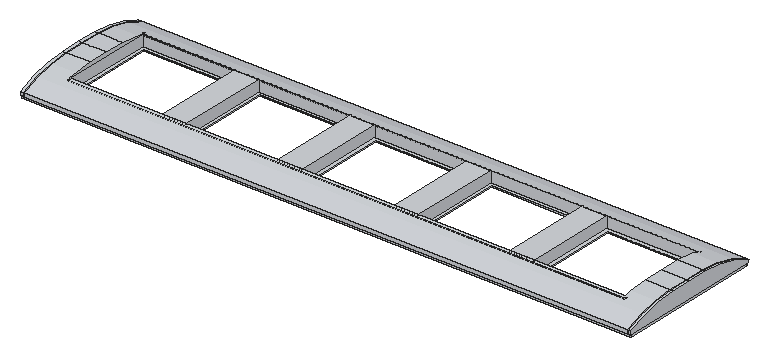
Revit family "Gira_021571", category Electrical Fixtures, host Face, Revit 2017
Family settings
  Host = Face
  Maintain Annotation Orientation = No
  Round Connector Dimension = Use Diameter
  Part Type = Normal
  Cut with Voids When Loaded = No
  Shared = No
  Room Calculation Point = No
Parameters (values of type "Cov.fr. 5-g interm.fr. CAl Gira Event p.white m")
  With mounting grid = "No"
  With hinged lid = "No"
  URL = "http://katalog.gira.de/en/datenblatt.html?artikelnr=021571"
  Type of fastening = "Clamp mounting"
  Transparent = "No"
  Surface protection = "Other"
  Surface finishing = "Matt"
  Suitable for wall duct = "No"
  Suitable for flush-mounted installation = "Yes"
  Suitable for floor box = "No"
  Suitable for built-in installation = "No"
  Number of units vertical = "5"
  Number of units horizontal = "5"
  Number of units = "5"
  Name = "Cov.fr. 5-g interm.fr. CAl Gira Event p.white m"
  Mounting direction = "Horizontal and vertical"
  Material quality = "Thermoplastic"
  Material = "Plastic"
  Manufacturer URL = "https://www.gira.de/"
  Manufacturer = "Gira"
  Label space/information surface = "No"
  Keynote = ""
  HeinzeBIM = "https://bimportal.heinze.de/bim/cov-fr-5-g-interm-fr-cal-gira-event-p-white-m/81f3b998034481a59a4af5020834f703b7f7214b"
  Halogen free = "Yes"
  HAN = "021571"
  GTIN = "4010337215714"
  Description = "Cov.fr.5g i.fr.CAl Event PWm,Gira Event frames,pure white matt with colour aluminium intermediate frame,5-gang,Features:,- Shatter-proof."
  Degree of protection (IP) = "IP20"
  Default Elevation = 1219.2 mm
  Data sheet (1) = "https://katalog.gira.de/en/download.html?artikelnr=021571"
  Colour = "White"
  Category = "Cover frame for domestic switching devices"
  BIM (1) = "https://media.stage.bim.site/public/gira/36a6b08/Event_Rahmen_5fach.rfa"
  Available = "No"
Reference planes
  plane 1 "Center (Front/Back)": y = 0
  plane 2: z = 0
  plane 3 "Center (Left/Right)": x = 0
Forms (mm)
  Extrusion 1, solid, detail levels fine
    sketch origin (0, 0, 0.05) x (0, 1, 0) y (0, 0, 1)
      loop
        arc (12.445, 9.683) -> (6.223, 9.833) -> (0, 9.85) r 291.636
        arc (0, 9.85) -> (-6.223, 9.833) -> (-12.445, 9.683) r 291.636
        arc (-12.445, 9.683) -> (-29.14, 7.482) -> (-45, 1.823) r 79.728
        line (-45, 1.823) -> (-45, -0.05) -> (-42.086, -0.05)
        arc (-42.086, -0.05) -> (-21.385, 5.559) -> (0, 7.206) r 114.424
        arc (0, 7.206) -> (21.385, 5.559) -> (42.086, -0.05) r 114.424
        line (42.086, -0.05) -> (45, -0.05) -> (45, 1.823)
        arc (45, 1.823) -> (29.14, 7.482) -> (12.445, 9.683) r 79.728
    from -185.578 to 185.593
  Extrusion 2, void, detail levels fine
    sketch origin (0, 0, 0) x (1, 0, 0) y (0, 1, 0)
      loop
        line (170.607, 28) -> (-170.593, 28) -> (-170.593, -28) -> (170.607, -28) -> (170.607, 28)
    from 0.724 to 11
  Extrusion 3, solid, detail levels coarse
    sketch origin (0, 0, 0) x (1, 0, 0) y (0, 1, 0)
      loop
        line (-187.578, 45) -> (-187.578, -45) -> (187.593, -45) -> (187.593, 45) -> (-187.578, 45)
    from -1.5 to 9.9
  Extrusion 4, solid, detail levels medium
    sketch origin (0, 0, 0.05) x (0, 1, 0) y (0, 0, 1)
      loop
        arc (12.445, 9.683) -> (6.223, 9.833) -> (0, 9.85) r 291.636
        arc (0, 9.85) -> (-6.223, 9.833) -> (-12.445, 9.683) r 291.636
        arc (-12.445, 9.683) -> (-29.14, 7.482) -> (-45, 1.823) r 79.728
        line (-45, 1.823) -> (-45, -0.05) -> (45, -0.05) -> (45, 1.823)
        arc (45, 1.823) -> (29.14, 7.482) -> (12.445, 9.683) r 79.728
    from -187.578 to 187.593
  Extrusion 5, solid, detail levels fine
    sketch origin (-142.578, 0, -1.5) x (0, 1, 0) y (0, 0, -1)
      loop
        line (45, -3.373) -> (45, -1.5) -> (-45, -1.5) -> (-45, -3.373)
        arc (-45, -3.373) -> (-29.14, -9.032) -> (-12.445, -11.233) r 79.728
        arc (-12.445, -11.233) -> (-6.223, -11.383) -> (0, -11.4) r 291.636
        arc (0, -11.4) -> (6.223, -11.383) -> (12.445, -11.233) r 291.636
        arc (12.445, -11.233) -> (29.14, -9.032) -> (45, -3.373) r 79.728
    from 43 to 45
  Extrusion 6, solid, detail levels fine
    sketch origin (0, 0, 0) x (1, 0, 0) y (0, 1, 0)
      loop
        line (-168.493, 25.7) -> (-168.493, -25.7) -> (-116.693, -25.7) -> (-116.693, 25.7) -> (-168.493, 25.7)
      loop
        line (-45.398, -25.7) -> (-45.398, 25.7) -> (-97.198, 25.7) -> (-97.198, -25.7) -> (-45.398, -25.7)
      loop
        line (-171.487, 28.49) -> (-171.487, -28.495)
        spline (-171.487, -28.495) -> (-171.479, -28.625) -> (-171.453, -28.754) -> (-171.411, -28.878) -> (-171.353, -28.995) -> (-171.281, -29.104) -> (-171.194, -29.202) -> (-171.096, -29.288) -> (-170.987, -29.361) -> (-170.87, -29.419) -> (-170.746, -29.461) -> (-170.618, -29.486) -> (-170.487, -29.495)
        line (-170.487, -29.495) -> (170.502, -29.495)
        spline (170.502, -29.495) -> (170.633, -29.486) -> (170.761, -29.461) -> (170.885, -29.419) -> (171.002, -29.361) -> (171.111, -29.288) -> (171.209, -29.202) -> (171.296, -29.104) -> (171.368, -28.995) -> (171.426, -28.878) -> (171.468, -28.754) -> (171.494, -28.625) -> (171.502, -28.495)
        line (171.502, -28.495) -> (171.502, 28.49)
        spline (171.502, 28.49) -> (171.494, 28.62) -> (171.468, 28.748) -> (171.426, 28.872) -> (171.368, 28.99) -> (171.296, 29.098) -> (171.209, 29.197) -> (171.111, 29.283) -> (171.002, 29.356) -> (170.885, 29.413) -> (170.761, 29.456) -> (170.633, 29.481) -> (170.502, 29.49)
        line (170.502, 29.49) -> (-170.487, 29.49)
        spline (-170.487, 29.49) -> (-170.618, 29.481) -> (-170.746, 29.456) -> (-170.87, 29.413) -> (-170.987, 29.356) -> (-171.096, 29.283) -> (-171.194, 29.197) -> (-171.281, 29.098) -> (-171.353, 28.99) -> (-171.411, 28.872) -> (-171.453, 28.748) -> (-171.479, 28.62) -> (-171.487, 28.49)
      loop
        line (25.902, -25.7) -> (25.902, 25.7) -> (-25.898, 25.7) -> (-25.898, -25.7) -> (25.902, -25.7)
      loop
        line (97.207, -25.7) -> (97.207, 25.7) -> (45.407, 25.7) -> (45.407, -25.7) -> (97.207, -25.7)
      loop
        line (168.507, -25.7) -> (168.507, 25.7) -> (116.707, 25.7) -> (116.707, -25.7) -> (168.507, -25.7)
    from 0.1 to 7.3
  Extrusion 7, solid
    sketch origin (0, 0, 0) x (1, 0, 0) y (0, 1, 0)
      loop
        arc (-187.293, -44.218) -> (-187.146, -44.572) -> (-186.793, -44.718) r 0.5
        line (-186.793, -44.718) -> (186.807, -44.718)
        arc (186.807, -44.718) -> (187.161, -44.572) -> (187.307, -44.218) r 0.5
        line (187.307, -44.218) -> (187.307, 44.182)
        arc (187.307, 44.182) -> (187.161, 44.535) -> (186.807, 44.682) r 0.5
        line (186.807, 44.682) -> (-186.793, 44.682)
        arc (-186.793, 44.682) -> (-187.146, 44.535) -> (-187.293, 44.182) r 0.5
        line (-187.293, 44.182) -> (-187.293, -44.218)
      loop
        line (-185.593, 42.982) -> (-185.593, -43.018) -> (185.607, -43.018) -> (185.607, 42.982) -> (-185.593, 42.982)
    from -1.5 to 0.5
  Extrusion 8, solid, detail levels fine
    sketch origin (142.593, 0, -1.5) x (0, 1, 0) y (0, 0, 1)
      loop
        arc (45, 3.373) -> (29.14, 9.032) -> (12.445, 11.233) r 79.728
        arc (12.445, 11.233) -> (6.223, 11.383) -> (0, 11.4) r 291.636
        arc (0, 11.4) -> (-6.223, 11.383) -> (-12.445, 11.233) r 291.636
        arc (-12.445, 11.233) -> (-29.14, 9.032) -> (-45, 3.373) r 79.728
        line (-45, 3.373) -> (-45, 1.5) -> (45, 1.5) -> (45, 3.373)
    from 43 to 45
  Extrusion 9, solid, detail levels medium
    sketch origin (0, 0, 0) x (1, 0, 0) y (0, 1, 0)
      loop
        line (-187.293, -44.718) -> (187.307, -44.718) -> (187.307, 44.682) -> (-187.293, 44.682) -> (-187.293, -44.718)
    from -1.5 to 0.5
  Extrusion 10, solid, detail levels fine
    sketch origin (-105.5, 0, 0) x (1, 0, 0) y (0, 1, 0)
      loop
        line (-8.943, 28.063) -> (-8.943, -27.937) -> (6.057, -27.937) -> (6.057, 28.063) -> (-8.943, 28.063)
    from 0.724 to 7.566
  Extrusion 11, solid, detail levels fine
    sketch origin (-37.085, 0, 0) x (-1, 0, 0) y (0, -1, 0)
      loop
        line (-8.943, -28.063) -> (6.057, -28.063) -> (6.057, 27.937) -> (-8.943, 27.937) -> (-8.943, -28.063)
    from 0.724 to 7.566
  Extrusion 12, solid, detail levels fine
    sketch origin (105.5, 0, 0) x (-1, 0, 0) y (0, -1, 0)
      loop
        line (-8.943, -28.063) -> (6.057, -28.063) -> (6.057, 27.937) -> (-8.943, 27.937) -> (-8.943, -28.063)
    from 0.724 to 7.566
  Extrusion 13, solid, detail levels fine
    sketch origin (37.085, 0, 0) x (1, 0, 0) y (0, 1, 0)
      loop
        line (-8.943, 28.063) -> (-8.943, -27.937) -> (6.057, -27.937) -> (6.057, 28.063) -> (-8.943, 28.063)
    from 0.724 to 7.566
Cuts and joins
  Extrusion 2 cuts Extrusion 1
  Extrusion 2 cuts Extrusion 6
Dimensions and locks
  aligned and locked: plane 2 to host face
  aligned and locked: level to host face
